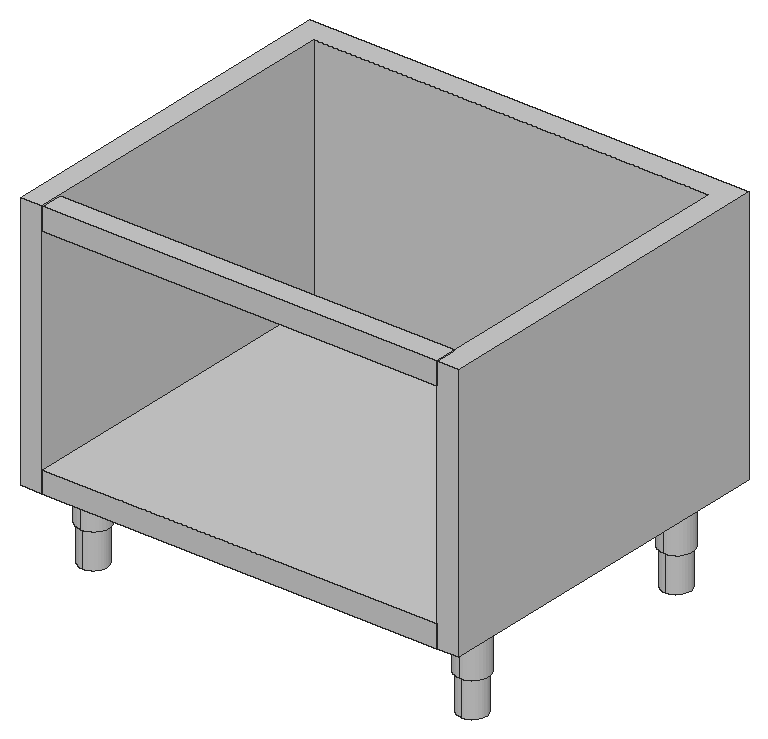
Revit family "QF_GIORIK_BV740G", category Specialty Equipment, Revit 2014
Parameters (values of type "BV740G")
  Show Logo [instance] = yes
  Show Clearance [instance] = yes
  Assembly Code = "E1090320"
Reference planes
  plane 1 "Back": y = 0
  plane 2: z = 0
  plane 3 "Left": x = 0
  plane 4 "Right": x = 800
  plane 5 "Front": y = -720
  plane 6 "Top": z = 620
Forms (mm)
  Extrusion 1, solid
    sketch origin (-16, 1025.81, 0) x (1, 0, 0) y (0, 1, 0)
      loop
        line (25, -1086.81) -> (25, -1156.81) -> (115, -1156.81) -> (115, -1086.81) -> (25, -1086.81)
    from 148 to 150
  Extrusion 2, solid
    sketch origin (0, 0, 599.536) x (1, 0, 0) y (0, 1, 0)
      loop
        line (0, -660) -> (40, -660) -> (40, -40) -> (760, -40) -> (760, -660) -> (800, -660) -> (800, 0) -> (0, 0) -> (0, -660)
    from -449.536 to 20.464
  Extrusion 3, solid
    sketch origin (0, 0, 0) x (1, 0, 0) y (0, 1, 0)
      loop
        line (40, -40) -> (40, -660) -> (760, -660) -> (760, -40) -> (40, -40)
    from 150 to 190
  Extrusion 4, solid
    sketch origin (-16, 560.81, 0) x (1, 0, 0) y (0, 1, 0)
      loop
        line (25, -1086.81) -> (25, -1156.81) -> (115, -1156.81) -> (115, -1086.81) -> (25, -1086.81)
    from 148 to 150
  Revolve 5, solid
    sketch origin (54, 560.81, 0) x (0, 1, 0) y (0, 0, 1)
      loop
        line (-1092.56, 66) -> (-1092.56, 148) -> (-1121.81, 148) -> (-1121.81, 0) -> (-1096.81, 0) -> (-1096.81, 66) -> (-1092.56, 66)
      axis (-1121.81, 0) -> (-1121.81, 148)
    angle from 0 to 360
  Revolve 6, solid
    sketch origin (54, 1025.81, 0) x (0, 1, 0) y (0, 0, 1)
      loop
        line (-1092.56, 66) -> (-1092.56, 148) -> (-1121.81, 148) -> (-1121.81, 0) -> (-1096.81, 0) -> (-1096.81, 66) -> (-1092.56, 66)
      axis (-1121.81, 0) -> (-1121.81, 148)
    angle from 0 to 360
  Extrusion 7, solid
    sketch origin (816, 1025.81, 0) x (-1, 0, 0) y (0, -1, 0)
      loop
        line (25, 1086.81) -> (115, 1086.81) -> (115, 1156.81) -> (25, 1156.81) -> (25, 1086.81)
    from 148 to 150
  Extrusion 8, solid
    sketch origin (816, 560.81, 0) x (-1, 0, 0) y (0, -1, 0)
      loop
        line (25, 1086.81) -> (115, 1086.81) -> (115, 1156.81) -> (25, 1156.81) -> (25, 1086.81)
    from 148 to 150
  Revolve 9, solid
    sketch origin (746, 560.81, 0) x (0, 1, 0) y (0, 0, -1)
      loop
        line (-1092.56, -66) -> (-1096.81, -66) -> (-1096.81, 0) -> (-1121.81, 0) -> (-1121.81, -148) -> (-1092.56, -148) -> (-1092.56, -66)
      axis (-1121.81, 0) -> (-1121.81, -148)
    angle from 0 to 360
  Revolve 10, solid
    sketch origin (746, 1025.81, 0) x (0, 1, 0) y (0, 0, -1)
      loop
        line (-1092.56, -66) -> (-1096.81, -66) -> (-1096.81, 0) -> (-1121.81, 0) -> (-1121.81, -148) -> (-1092.56, -148) -> (-1092.56, -66)
      axis (-1121.81, 0) -> (-1121.81, -148)
    angle from 0 to 360
  Extrusion 11, solid
    sketch origin (0, 40, 620) x (0, 1, 0) y (-1, 0, 0)
      loop
        line (-700, -40) -> (-700, -760) -> (-660, -760) -> (-660, -40) -> (-700, -40)
    from -40 to 0
Lines and regions (mm)
  symbolic lines, style "200-EquipHidden-2D", visible <- "Show Clearance", detail levels coarse
    curve 1: line (0, -660, 0) -> (800, -660, 0)
    curve 2: line (800, -660, 0) -> (800, 0, 0)
    curve 3: line (800, 0, 0) -> (0, 0, 0)
    curve 4: line (0, 0, 0) -> (0, -660, 0)
Dimensions and locks
  plane 3 "Left" to plane 4 "Right" = 800 mm
  plane 5 "Front" to plane 1 "Back" = 720 mm
  plane 4 "Right" to plane 3 "Left" = 800 mm
  plane 1 "Back" to plane 5 "Front" = 720 mm
  plane 6 "Top" to level = 620 mm  (x2)
  aligned and locked: level to plane 2
